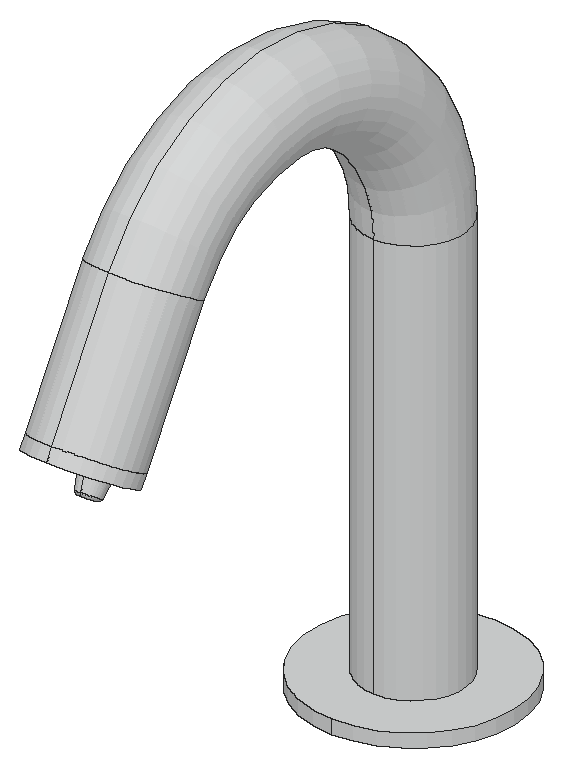
Revit family "SoapDispenser_Hob_Nero_Mecca_Sensor", category Specialty Equipment, Revit 2022
Family settings
  Round Connector Dimension = Use Diameter
  Part Type = Normal
  OmniClass Number = 23.31.25.29.13
  OmniClass Title = Hand Soap Dispensers
  Work Plane-Based = No
  Always vertical = Yes
  Cut with Voids When Loaded = Yes
  Maintain Annotation Orientation = No
  Shared = No
  Room Calculation Point = No
Parameters (values of type "Chrome (NR407CH)")
  Uniclass2015Version = "Products v1.35"
  Uniclass2015Title = "Soap dispensers"
  Uniclass2015Code = "Pr_40_70_22_81"
  URL = "https://nerotapware.com.au/"
  Type Comments = "Soap Dispenser - Hob - Sensor - Chrome"
  ModifiedIssue = 20251105
  Model = "NR407CH"
  ManufacturerURLProductSpecific = "https://nerotapware.com.au/product/mecca-hob-mounted-sensor-soap-dispensor-chrome-nr407ch/"
  ManufacturerSpecCode = "NR407CH"
  ManufacturerOverallWidth = 45 mm  # constant formula
  ManufacturerOverallHeight = 144 mm  # constant formula
  ManufacturerOverallDepth = 124 mm  # constant formula
  Manufacturer = "Nero"
  IfcExportType = "USERDEFINED"
  IfcExportAs = "IfcFurnitureType"
  Description = "Mecca Hob Mounted Sensor Soap Dispensor Chrome"
  Default Elevation = 900 mm
  CreatedByURL = "https://igsgroup.com.au"
  CreatedBy = "IGS BIM Solutions"  # constant formula
  Material = Metal_Chrome_Nero
  Assembly Code = "C1030220"
Types (6, lengths in mm): name | Type Comments | Model | ManufacturerURLProductSpecific | ManufacturerSpecCode | Description | Material
  Chrome (NR407CH) | "Soap Dispenser - Hob - Sensor - Chrome" | "NR407CH" | "https://nerotapware.com.au/product/mecca-hob-mounted-sensor-soap-dispensor-chrome-nr407ch/" | "NR407CH" | "Mecca Hob Mounted Sensor Soap Dispensor Chrome" | Metal_Chrome_Nero
  Matte Black (NR407MB) | "Soap Dispenser - Hob - Sensor - Matte Black" | "NR407MB" | "https://nerotapware.com.au/product/mecca-hob-mounted-sensor-soap-dispensor-matte-black-nr407mb/" | "NR407MB" | "Mecca Hob Mounted Sensor Soap Dispensor Matte Black" | Metal_MatteBlack_Nero
  Brushed Nickel (NR407BN) | "Soap Dispenser - Hob - Sensor - Brushed Nickel" | "NR407BN" | "https://nerotapware.com.au/product/mecca-hob-mounted-sensor-soap-dispensor-brushed-nickel-nr407bn/" | "NR407BN" | "Mecca Hob Mounted Sensor Soap Dispensor Brushed Nickel" | Metal_Nickel_Nero_Brushed
  Brushed Gold (NR407BG) | "Soap Dispenser - Hob - Sensor - Brushed Gold" | "NR407BG" | "https://nerotapware.com.au/product/mecca-hob-mounted-sensor-soap-dispensor-brushed-gold-nr407bg/" | "NR407BG" | "Mecca Hob Mounted Sensor Soap Dispensor Brushed Gold" | Metal_Gold_Nero_Brushed
  Brushed Bronze (NR407BZ) | "Soap Dispenser - Hob - Sensor - Brushed Bronze" | "NR407BZ" | "https://nerotapware.com.au/product/mecca-hob-mounted-sensor-soap-dispensor-brushed-bronze-nr407bz/" | "NR407BZ" | "Mecca Hob Mounted Sensor Soap Dispensor Brushed Bronze" | Metal_Bronze_Nero_Brushed
  Gunmetal (NR407GM) | "Soap Dispenser - Hob - Sensor - Gunmetal" | "NR407GM" | "https://nerotapware.com.au/product/mecca-hob-mounted-sensor-soap-dispensor-gun-metal-nr407gm/" | "NR407GM" | "Mecca Hob Mounted Sensor Soap Dispensor Gun Metal" | Metal_GunMetal_Nero
Reference planes
  plane 1 "SoapDispenserCenter": z = 0
  plane 2 "SpoutCenter (Front/Back)": y = 202.5
  plane 3 "Left": x = 60.5
  plane 4 "Right": x = 105.5
  plane 5 "Center (Left/Right)": x = 83
  plane 6 "Top": z = 144
  plane 7 "Bottom": z = 0
  plane 8 "Front": y = 101
  plane 9: through (4267.2, 119.953, 79.874) normal (0, -0.5, -0.866)
  plane 10 "Back": y = 225
Forms (mm)
  Revolve 1, solid, material "Metal_Chrome_Nero" <- "Material"
    sketch origin (83, 110.013, 158.242) x (0, 1, 0) y (0, 0, 1)
      loop
        line (8.825, -77.724) -> (6.533, -76.401) -> (3.242, -82.102) -> (3.961, -82.516)
        arc (3.961, -82.516) -> (4.487, -82.609) -> (4.95, -82.342) r 0.782
        line (4.95, -82.342) -> (8.825, -77.724)
      axis (5.667, -75.901) -> (2.375, -81.601)
    angle from 0 to 360
  Extrusion 2, solid, material "Metal_Chrome_Nero" <- "Material"
    sketch origin (0, -1464, 0) x (0, -1, 0) y (-1, 0, 0)
      loop
        circle (-1666.5, -83) r 22.5
    from 0 to -3
  Sweep 3, solid, material "Metal_Chrome_Nero" <- "Material"
    path origin (83, 80, 85) x (0, 1, 0) y (0, 0, 1)
      loop
        line (122.5, -82) -> (122.5, 8.067)
        arc (122.5, 8.067) -> (92.853, 46.704) -> (47.859, 28.067) r 40
        line (47.859, 28.067) -> (32.019, 0.63)
    profile origin (83, 202.5, 48.033) x (0, -1, 0) y (1, 0, 0)
      loop
        circle (0, 0) r 11
  Revolve 4, solid, material "Metal_Chrome_Nero" <- "Material"
    sketch origin (83, 80, 85) x (0, 1, 0) y (0, 0, 1)
      loop
        line (32.019, 0.63) -> (31.51, -0.251) -> (39.953, -5.126) -> (38.953, -6.858) -> (40.036, -7.483) -> (41.545, -4.87) -> (32.019, 0.63)
      axis (30.51, -1.983) -> (32.019, 0.63)
    angle from 0 to 360
  Extrusion 5, solid, material "Metal_Chrome_Nero" <- "Material"
    sketch origin (4267.2, 119.953, 79.874) x (0, 0.866025, -0.5) y (1, 0, 0)
      loop
        arc (-2.124, -4189.522) -> (-2.057, -4188.488) -> (-2.944, -4187.95) r 1
        line (-2.944, -4187.95) -> (-4.936, -4187.95)
        arc (-4.936, -4187.95) -> (-8.686, -4184.2) -> (-4.936, -4180.45) r 3.75
        line (-4.936, -4180.45) -> (-2.944, -4180.45)
        arc (-2.944, -4180.45) -> (-2.057, -4179.912) -> (-2.124, -4178.878) r 1
        arc (-2.124, -4178.878) -> (-19.05, -4184.2) -> (-2.124, -4189.522) r 9.3
    from 0 to 1.75
Cuts and joins
  joined: Revolve 1, Sweep 3, Revolve 4
Lines and regions (mm)
  Masking region 1
    outline origin (0, 0, 144) x (0, -1, 0) y (1, 0, 0)
      loop
        line (-182.872, 72) -> (-110.51, 72)
        spline (-110.51, 72) -> (-109.266, 72.094) -> (-108.044, 72.375) -> (-106.864, 72.837) -> (-105.747, 73.474) -> (-104.71, 74.273) -> (-103.774, 75.222) -> (-102.952, 76.304) -> (-102.26, 77.5) -> (-101.709, 78.79) -> (-101.308, 80.153) -> (-101.065, 81.564) -> (-100.983, 83)
        spline (-100.983, 83) -> (-101.065, 84.436) -> (-101.308, 85.847) -> (-101.709, 87.21) -> (-102.26, 88.5) -> (-102.952, 89.696) -> (-103.774, 90.778) -> (-104.71, 91.727) -> (-105.747, 92.526) -> (-106.864, 93.163) -> (-108.044, 93.625) -> (-109.266, 93.906) -> (-110.51, 94)
        line (-110.51, 94) -> (-182.872, 94)
        arc (-182.872, 94) -> (-225, 83) -> (-182.872, 72) r 22.5
  symbolic lines, style "Bathroom Fixtures", detail levels medium+fine
    curve 1: arc (72, 202.5, 144) -> (83, 213.5, 144) -> (94, 202.5, 144) r 11
    curve 2: line (94, 202.5, 144) -> (94, 182.872, 144)
    curve 3: line (72, 202.5, 144) -> (72, 182.872, 144)
Text (mm)
  text "Disclaimer:\nDue to ongoing product development and manufacturing \nevolution, product details are subject to change without \nnotice. Please refer to product technical data sheets on \nthe manufacturers website for the most current product \ninformation. Please allow a +/- 5mm manufacturing \ntolerance for dimensions and set-outs shown in product \nliterature." at (409.31, 319.214, 0), in view "Ref. Level"
Dimensions and locks
  equal spacing: plane 3 "Left", plane 5 "Center (Left/Right)", plane 4 "Right"
  "ManufacturerOverallWidth": plane 3 "Left" to plane 4 "Right"
  "ManufacturerOverallDepth": plane 10 "Back" to plane 8 "Front"
  "ManufacturerOverallHeight": plane 6 "Top" to plane 7 "Bottom"
  locked: plane 10 "Back" to plane 2 "SpoutCenter (Front/Back)" at 22.5
  aligned and locked: level to plane 1 "SoapDispenserCenter"
Automatic sketch dimensions
  Extrusion 2 sketch curve to plane 2 "SpoutCenter (Front/Back)" = 0 mm
  Extrusion 2 sketch curve to plane 5 "Center (Left/Right)" = 0 mm
  Sweep 3 sketch curve to plane 5 "Center (Left/Right)" = 0 mm
  Sweep 3 sketch curve to profile plane = 0 mm
  Sweep 3 sketch curve to plane 2 "SpoutCenter (Front/Back)" = 0 mm
  plane 8 "Front" to Sweep 3 sketch curve = 26.859 mm
  plane 6 "Top" to Sweep 3 sketch curve = 30.933 mm
  plane 8 "Front" to Sweep 3 sketch curve = 11.019 mm
  Sweep 3 sketch curve to Sweep 3 sketch curve = 27.436 mm
  level to Sweep 3 sketch curve = 3 mm
  Sweep 3 sketch curve to Sweep 3 sketch curve = 40 mm
  Masking region 1 sketch curve to plane 2 "SpoutCenter (Front/Back)" = 0 mm
  Masking region 1 sketch curve to plane 5 "Center (Left/Right)" = 0 mm  (x2)
  Masking region 1 sketch curve to plane 2 "SpoutCenter (Front/Back)" = 19.628 mm  (x2)
  Masking region 1 sketch curve to plane 5 "Center (Left/Right)" = 11 mm
  plane 8 "Front" to Masking region 1 sketch curve = 9.51 mm
  Masking region 1 sketch curve to Masking region 1 sketch curve = 0 mm
  Masking region 1 sketch curve to plane 8 "Front" = 0.017 mm
  curve 1 to plane 2 "SpoutCenter (Front/Back)" = 0 mm
  curve 1 to plane 5 "Center (Left/Right)" = 0 mm
  curve 3 to plane 5 "Center (Left/Right)" = 11 mm
  curve 3 to curve 3 = 19.628 mm
  curve 1 to curve 2 = 19.628 mm
  plane 8 "Front" to Revolve 4 sketch curve = 10.51 mm
  Revolve 4 sketch curve to Revolve 4 sketch curve = 0.509 mm
  Revolve 4 sketch curve to Revolve 4 sketch curve = 7.444 mm
  Revolve 4 sketch curve to Revolve 4 sketch curve = 1 mm
  Revolve 4 sketch curve to Revolve 4 sketch curve = 1.083 mm
  level to Revolve 4 sketch curve = 77.517 mm
  Revolve 4 sketch curve to Revolve 4 sketch curve = 0.625 mm
  Revolve 4 sketch curve to Revolve 4 sketch curve = 0 mm  (x2)
  Revolve 4 sketch curve to Revolve 4 sketch curve = 2.177 mm
  Revolve 4 sketch curve to Revolve 4 sketch curve = 3.771 mm
  plane 8 "Front" to Revolve 1 sketch curve = 12.255 mm
  Revolve 1 sketch curve to Revolve 1 sketch curve = 0.718 mm
  Revolve 1 sketch curve to Revolve 1 sketch curve = 0.391 mm
  Revolve 1 sketch curve to Revolve 1 sketch curve = 0.599 mm
  Revolve 1 sketch curve to Revolve 1 sketch curve = 2.182 mm
  Revolve 1 sketch curve to Revolve 1 sketch curve = 2.292 mm
  level to Revolve 1 sketch curve = 75.726 mm
  Revolve 1 sketch curve to Revolve 1 sketch curve = 0.175 mm
  Revolve 1 sketch curve to Revolve 1 sketch curve = 0.415 mm
  Revolve 1 sketch curve to Revolve 1 sketch curve = 1.088 mm
  plane 8 "Front" to Revolve 1 sketch curve = 7.163 mm
  Revolve 1 sketch curve to Revolve 1 sketch curve = 6.817 mm
  Revolve 1 sketch curve to Revolve 1 sketch curve = 0.118 mm
  Extrusion 5 sketch curve to plane 5 "Center (Left/Right)" = 0 mm  (x2)
  Extrusion 5 sketch curve to plane 5 "Center (Left/Right)" = 3.75 mm
  Extrusion 5 sketch curve to Extrusion 5 sketch curve = 1.992 mm
  Extrusion 5 sketch curve to Extrusion 5 sketch curve = 1 mm  (x2)
  Extrusion 5 sketch curve to Extrusion 5 sketch curve = 0.82 mm
  Extrusion 5 sketch curve to Extrusion 5 sketch curve = 0 mm  (x2)
  radius of Extrusion 2 sketch curve = 22.5 mm
  radius of Sweep 3 sketch curve = 11 mm
